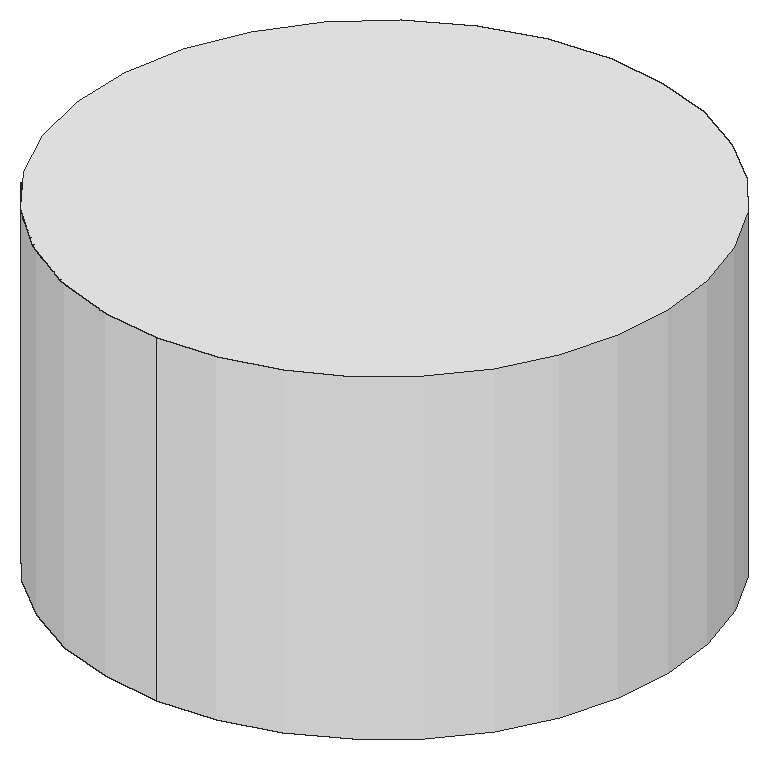
Revit family "Deca_Misturador monocomando de mesa para cozinha_Spin_2270.72", category Plumbing Fixtures, host Face, Revit 2019
Family settings
  Host = Face
  Round Connector Dimension = Use Radius
  Part Type = Normal
  Cut with Voids When Loaded = No
  Shared = No
  Room Calculation Point = No
Parameters (values of type "2270.GL72.RD_Red Gold")
  Vazão na Pressão mín. (L/min) = "4 l/min"
  Vazão na Pressão máx. (L/min) = "15 l/min"
  URL = "www.deca.com.br"
  Tipo de rosca de saída = "-"
  Tipo de rosca de entrada = "BSP NBR 8133"
  Tipo de mecanismo utilizado = "Cartucho Monocomando"
  Tipo de dispositivo economizador = "Não"
  Segmento = "Banheiro Luxo"
  Saída de Esgoto = "-"
  Raio Água Quente = 7.5 mm  # constant formula
  Raio Água Fria = 7.5 mm  # constant formula
  Pressão mín. funcionamento = "2 MCA"
  Pressão mín. Aquec. Passagem = "10 MCA"
  Pressão mín. Aquec. Acúmulo = "2 MCA"
  Pressão máx. funcionamento = "40 MCA"
  Peso Líquido (Kg) = 1.786
  Norma = "Não Possui"
  Model = "2270.GL72.RD"
  Material = Deca_Red Gold
  Manufacturer = "Deca"
  Linha = "Spin"
  Itens de Instalação = "-"
  Informações Complementares = "-"
  HWFU = 0
  Diâmetro Água Quente = 2 * Raio Água Quente  # 15 mm
  Diâmetro Água Fria = 2 * Raio Água Fria  # 15 mm
  Description = "Misturador monocomando de mesa para cozinha"
  Default Elevation = 0 mm
  Código Pai = "2270.72"
  Criado por = "quattroD"
  Cores Componente = "-"
  Cor Secundária = "-"
  Cor Principal = "Red Gold"
  Cor Interna = "-"
  Consumo = "-"
  Composição Componente = "-"
  Composição Básica = "Liga de Cobre (bronze e latão),Plásticos de Engenharia,Elastômeros"
  Composição Assento = "-"
  Composição Anel Vedação = "-"
  Categoria = "METAIS PARA COZINHA"
  CWFU = 0
  Atendimento ao Cliente = "0800-0117073"
  Assembly Code = ""
  Aprovado por = "quattroD"
  Acompanha o Produto = "Acompanha Ligação Flexivel"
Types (4, lengths in mm): name | Model | Material | Cor Principal
  2270.C72_Cromado | "2270.C72" | Deca_Cromado | "Cromado"
  2270.GL72.RD_Red Gold | "2270.GL72.RD" | Deca_Red Gold | "Red Gold"
  2270.BL72.MT_Black Matte | "2270.BL72.MT" | Deca_Black Matte | "Black Matte"
  2270.CT72.MT_Corten | "2270.CT72.MT" | Deca_Corten | "Corten"
Reference planes
  plane 1 "Center (Front/Back)": y = -109.853
  plane 2: z = 0
  plane 3 "Center (Left/Right)": x = 0
  plane 4 "Left 1": x = -28.494
  plane 5 "Back 1": y = -81.359
  plane 6 "Front  1": y = -138.491
  plane 7 "Right 1": x = 28.503
  plane 8 "Right 2": x = 71.979
  plane 9 "Front  2": y = -311.505
  plane 10 "Top 3": z = 339.267
  plane 11 "Top 2": z = 103.578
  plane 12 "Top 1": z = 12.997
  plane 13: x = -10.322
  plane 14: x = 10.322
Forms (mm)
  Extrusion 1, solid, material "Deca_Red Gold" <- "Material"
    sketch origin (-0.488, -291.754, 264.699) x (0, -1, 0) y (1, 0, 0)
      loop
        circle (9.734, 0.02) r 3.93
    from 0 to 4.486
Lines and regions (mm)
  Masking region 1
    outline origin (0, -109.853, 0) x (1, 0, 0) y (0, 0, 1)
      loop
        line (-28.641, 0) -> (28.641, 0) -> (28.641, 13.298) -> (21.481, 13.298) -> (21.481, 34.211)
        arc (21.481, 34.211) -> (21.774, 34.918) -> (22.481, 35.211) r 1
        line (22.481, 35.211) -> (45.794, 35.211) -> (45.794, 37.314)
        arc (45.794, 37.314) -> (49.343, 37.642) -> (52.773, 38.614) r 19.378
        line (52.773, 38.614) -> (52.773, 34.996) -> (72.064, 34.996) -> (73.036, 35.967) -> (73.036, 77.201) -> (72.064, 78.173) -> (67.554, 78.173) -> (67.554, 144.753) -> (57.836, 144.753) -> (57.836, 78.173) -> (52.773, 78.173) -> (52.773, 74.77)
        arc (52.773, 74.77) -> (49.343, 75.743) -> (45.794, 76.07) r 19.378
        line (45.794, 76.07) -> (45.794, 78.173) -> (22.481, 78.173)
        arc (22.481, 78.173) -> (21.774, 78.466) -> (21.481, 79.173) r 1
        line (21.481, 79.173) -> (21.481, 83.559) -> (20.681, 83.559) -> (20.681, 100.052)
        arc (20.681, 100.052) -> (20.509, 100.469) -> (20.092, 100.641) r 0.589
        line (20.092, 100.641) -> (10.561, 100.641) -> (10.561, 329.438)
        arc (10.561, 329.438) -> (0, 340) -> (-10.561, 329.438) r 10.561
        line (-10.561, 329.438) -> (-10.561, 100.641) -> (-20.092, 100.641)
        arc (-20.092, 100.641) -> (-20.509, 100.469) -> (-20.681, 100.052) r 0.589
        line (-20.681, 100.052) -> (-20.681, 83.559) -> (-21.481, 83.559) -> (-21.481, 13.298) -> (-28.641, 13.298) -> (-28.641, 0)
  Masking region 2
    outline origin (-314.678, -32.67, 0) x (1, 0, 0) y (0, 1, 0)
      loop
        arc (334.557, -56.772) -> (290.709, -61.776) -> (304.356, -103.746) r 28.495
        line (304.356, -103.746) -> (304.356, -243.096) -> (304.356, -268.396)
        arc (304.356, -268.396) -> (314.678, -278.718) -> (324.999, -268.396) r 10.322
        line (324.999, -268.396) -> (324.999, -243.096) -> (324.999, -103.746)
        arc (324.999, -103.746) -> (330.088, -101.155) -> (334.557, -97.601) r 28.495
        line (334.557, -97.601) -> (359.477, -97.601) -> (359.477, -96.15)
        arc (359.477, -96.15) -> (360.678, -96.128) -> (361.876, -96.037) r 20.768
        line (361.876, -96.037) -> (361.876, -99.139) -> (386.071, -99.139)
        arc (386.071, -99.139) -> (386.509, -88.087) -> (386.657, -77.029) r 423.263
        arc (386.657, -77.029) -> (386.513, -66.127) -> (386.071, -55.234) r 399.81
        line (386.071, -55.234) -> (361.872, -55.234) -> (361.872, -58.335)
        arc (361.872, -58.335) -> (360.676, -58.244) -> (359.477, -58.223) r 20.768
        line (359.477, -58.223) -> (359.477, -56.772) -> (334.557, -56.772)
  Masking region 3
    outline origin (0, -693.355, -613.902) x (0, 1, 0) y (0, 0, 1)
      loop
        line (593.68, 717.48) -> (593.68, 917.547)
        arc (593.68, 917.547) -> (583.246, 942.736) -> (558.058, 953.169) r 35.622
        line (558.058, 953.169) -> (417.448, 953.169)
        arc (417.448, 953.169) -> (392.26, 942.736) -> (381.826, 917.547) r 35.622
        line (381.826, 917.547) -> (381.826, 883.087) -> (386.72, 883.087)
        arc (386.72, 883.087) -> (387.755, 882.692) -> (388.244, 881.698) r 1.515
        line (388.244, 881.698) -> (388.247, 880.484)
        arc (388.247, 880.484) -> (387.155, 879.639) -> (386.244, 878.601) r 7.233
        line (386.244, 878.601) -> (381.849, 878.601) -> (381.849, 851.507) -> (402.447, 851.507) -> (402.447, 878.601) -> (398.052, 878.601)
        arc (398.052, 878.601) -> (397.141, 879.639) -> (396.049, 880.484) r 7.233
        line (396.049, 880.484) -> (396.052, 881.698)
        arc (396.052, 881.698) -> (396.541, 882.692) -> (397.576, 883.087) r 1.515
        line (397.576, 883.087) -> (402.47, 883.087) -> (402.47, 917.547)
        arc (402.47, 917.547) -> (406.857, 928.139) -> (417.448, 932.526) r 14.978
        line (417.448, 932.526) -> (558.058, 932.526)
        arc (558.058, 932.526) -> (568.649, 928.139) -> (573.036, 917.547) r 14.978
        line (573.036, 917.547) -> (573.036, 717.48) -> (562.863, 717.48) -> (562.863, 703.982) -> (564.361, 703.982) -> (564.361, 702.282) -> (562.863, 702.282) -> (562.863, 676.75)
        arc (562.863, 676.75) -> (561.399, 668.859) -> (562.863, 660.968) r 21.999
        line (562.863, 660.968) -> (562.863, 628.765) -> (563.36, 626.899) -> (554.863, 626.899) -> (554.863, 613.902) -> (611.853, 613.902) -> (611.853, 626.899) -> (603.356, 626.899) -> (603.853, 628.765) -> (603.853, 660.968)
        arc (603.853, 660.968) -> (605.317, 668.859) -> (603.853, 676.75) r 21.999
        line (603.853, 676.75) -> (603.853, 702.282) -> (602.354, 702.282) -> (602.354, 703.982) -> (603.853, 703.982) -> (603.853, 717.48) -> (593.68, 717.48)
  symbolic lines
    curve 1: line (-21.481, -109.853, 13.298) -> (21.481, -109.853, 13.298)
    curve 2: line (-20.681, -109.853, 83.559) -> (20.681, -109.853, 83.559)
    curve 3: line (0, -109.853, 56.692) -> (21.481, -109.853, 33.45)
    curve 4: line (45.794, -109.853, 37.314) -> (45.794, -109.853, 76.07)
    curve 5: line (52.773, -109.853, 74.77) -> (52.773, -109.853, 38.614)
    curve 6: arc (57.836, -109.853, 78.173) -> (62.695, -109.853, 77.597) -> (67.554, -109.853, 78.173) r 20.768
    curve 7: line (-10.561, -109.853, 220.022) -> (10.561, -109.853, 220.022)
    curve 8: line (-10.561, -109.853, 239.968) -> (10.561, -109.853, 239.968)
    curve 9: line (8.714, -109.853, 239.968) -> (4.693, -109.853, 243.748)
    curve 10: line (4.693, -109.853, 243.748) -> (4.693, -109.853, 245.427)
    curve 11: arc (4.693, -109.853, 245.427) -> (5.548, -109.853, 246.151) -> (6.271, -109.853, 247.006) r 6.714
    curve 12: line (-9.621, -109.853, 247.006) -> (9.621, -109.853, 247.006)
    curve 13: arc (-9.621, -109.853, 247.006) -> (-10.286, -109.853, 247.281) -> (-10.561, -109.853, 247.947) r 0.941
    curve 14: arc (9.621, -109.853, 247.006) -> (10.286, -109.853, 247.281) -> (10.561, -109.853, 247.947) r 0.941
    curve 15: line (-8.714, -109.853, 239.968) -> (-4.693, -109.853, 243.748)
    curve 16: line (-4.693, -109.853, 243.748) -> (-4.693, -109.853, 245.427)
    curve 17: arc (-4.693, -109.853, 245.427) -> (-5.548, -109.853, 246.151) -> (-6.271, -109.853, 247.006) r 6.714
    curve 18: line (-4.693, -109.853, 243.748) -> (4.693, -109.853, 243.748)
    curve 19: line (4.693, -109.853, 245.427) -> (-4.693, -109.853, 245.427)
    curve 20: line (-10.561, -109.853, 100.641) -> (10.561, -109.853, 100.641)
    curve 21: line (23.118, -109.853, 35.211) -> (0, -109.853, 56.692)
    curve 22: line (0, -109.853, 56.692) -> (21.481, -109.853, 79.934)
    curve 23: line (23.118, -109.853, 78.173) -> (0, -109.853, 56.692)
    curve 24: line (47.198, -131.809, 0) -> (71.394, -131.809, 0)
    curve 25: spline (71.394, -131.809, 0) -> (71.396, -131.061, 0) -> (71.398, -128.868, 0) -> (71.4, -125.379, 0) -> (71.401, -120.833, 0) -> (71.402, -115.538, 0) -> (71.402, -109.857, 0) -> (71.402, -104.175, 0) -> (71.401, -98.88, 0) -> (71.4, -94.334, 0) -> (71.398, -90.845, 0) -> (71.396, -88.652, 0) -> (71.394, -87.904, 0)
    curve 26: line (71.394, -87.904, 0) -> (47.198, -87.904, 0)
    curve 27: spline (47.194, -128.708, 0) -> (47.197, -131.435, 0) -> (47.2, -131.522, 0) -> (47.203, -128.959, 0) -> (47.205, -124.058, 0) -> (47.207, -117.42, 0) -> (47.207, -109.857, 0) -> (47.207, -102.293, 0) -> (47.205, -95.655, 0) -> (47.203, -90.755, 0) -> (47.2, -88.191, 0) -> (47.197, -88.278, 0) -> (47.194, -91.005, 0)
    curve 28: arc (45.049, -128.822, 0) -> (46.123, -128.793, 0) -> (47.194, -128.708, 0) r 20.768
    curve 29: arc (47.194, -91.005, 0) -> (46.123, -90.921, 0) -> (45.049, -90.892, 0) r 20.768
    curve 30: line (10.322, -130.271, 0) -> (44.799, -130.271, 0)
    curve 31: spline (44.799, -130.271, 0) -> (44.801, -129.576, 0) -> (44.803, -127.536, 0) -> (44.805, -124.292, 0) -> (44.806, -120.064, 0) -> (44.807, -115.14, 0) -> (44.807, -109.857, 0) -> (44.807, -104.573, 0) -> (44.806, -99.649, 0) -> (44.805, -95.421, 0) -> (44.803, -92.177, 0) -> (44.801, -90.138, 0) -> (44.799, -89.442, 0)
    curve 32: line (44.799, -89.442, 0) -> (1.818, -89.442, 0)
    curve 33: circle (61.396, -109.857, 0) r 5.089 normal (0, 0, 1)
    curve 34: arc (10.322, -109.857, 0) -> (0, -99.535, 0) -> (-10.322, -109.857, 0) r 10.322
    curve 35: line (-10.322, -109.857, 0) -> (-10.322, -135.157, 0)
    curve 36: line (-10.322, -135.157, 0) -> (-10.322, -275.767, 0)
    curve 37: line (-10.322, -275.767, 0) -> (-10.322, -301.067, 0)
    curve 38: arc (-10.322, -301.067, 0) -> (0, -311.388, 0) -> (10.322, -301.067, 0) r 10.322
    curve 39: line (10.322, -301.067, 0) -> (10.322, -275.767, 0)
    curve 40: line (10.322, -275.767, 0) -> (10.322, -135.157, 0)
    curve 41: line (10.322, -135.157, 0) -> (10.322, -109.857, 0)
    curve 42: arc (10.322, -127.563, 0) -> (0, -89.361, 0) -> (-10.322, -127.563, 0) r 20.495
    curve 43: arc (19.879, -89.442, 0) -> (-23.968, -94.447, 0) -> (-10.322, -136.416, 0) r 28.495
    curve 44: arc (10.322, -136.416, 0) -> (15.41, -133.825, 0) -> (19.879, -130.271, 0) r 28.495
    curve 45: arc (10.322, -128.323, 0) -> (21.369, -105.345, 0) -> (1.464, -89.414, 0) r 20.477
    curve 46: arc (71.394, -131.809, 0) -> (71.831, -120.758, 0) -> (71.98, -109.699, 0) r 423.263
    curve 47: arc (71.98, -109.699, 0) -> (71.835, -98.798, 0) -> (71.394, -87.904, 0) r 399.81
    curve 48: line (0, -99.675, 103.578) -> (0, -99.675, 303.645)
    curve 49: arc (0, -99.675, 303.645) -> (0, -110.108, 328.833) -> (0, -135.297, 339.267) r 35.622
    curve 50: line (0, -135.297, 339.267) -> (0, -275.907, 339.267)
    curve 51: arc (0, -275.907, 339.267) -> (0, -301.095, 328.833) -> (0, -311.528, 303.645) r 35.622
    curve 52: line (0, -311.528, 303.645) -> (0, -311.528, 269.185)
    curve 53: line (0, -311.528, 269.185) -> (0, -290.885, 269.185)
    curve 54: line (0, -290.885, 269.185) -> (0, -290.885, 303.645)
    curve 55: arc (0, -290.885, 303.645) -> (0, -286.498, 314.236) -> (0, -275.907, 318.623) r 14.978
    curve 56: line (0, -275.907, 318.623) -> (0, -135.297, 318.623)
    curve 57: arc (0, -135.297, 318.623) -> (0, -124.705, 314.236) -> (0, -120.318, 303.645) r 14.978
    curve 58: line (0, -120.318, 303.645) -> (0, -120.318, 103.578)
    curve 59: line (0, -290.908, 237.604) -> (0, -290.908, 264.198)
    curve 60: line (0, -104.907, 143.171) -> (0, -104.907, 76.321)
    curve 61: spline (0, -104.907, 76.321) -> (0, -95.54, 71.49) -> (0, -89.502, 62.851) -> (0, -88.185, 52.394) -> (0, -91.89, 42.528) -> (0, -99.765, 35.524) -> (0, -109.997, 32.995) -> (0, -120.228, 35.524) -> (0, -128.103, 42.528) -> (0, -131.809, 52.394) -> (0, -130.491, 62.851) -> (0, -124.453, 71.49) -> (0, -115.086, 76.321)
    curve 62: line (0, -115.086, 76.321) -> (0, -115.086, 143.171)
    curve 63: line (0, -115.086, 143.171) -> (0, -104.907, 143.171)
    curve 64: line (0, -115.086, 88.38) -> (0, -130.492, 88.38)
    curve 65: line (0, -130.492, 88.38) -> (0, -130.492, 62.848)
    curve 66: line (0, -89.501, 62.848) -> (0, -89.501, 88.38)
    curve 67: line (0, -89.501, 88.38) -> (0, -104.907, 88.38)
    curve 68: line (0, -104.907, 90.08) -> (0, -89.501, 90.08)
    curve 69: line (0, -89.501, 90.08) -> (0, -89.501, 103.578)
    curve 70: line (0, -89.501, 103.578) -> (0, -104.907, 103.578)
    curve 71: line (0, -115.086, 103.578) -> (0, -130.492, 103.578)
    curve 72: line (0, -130.492, 103.578) -> (0, -130.492, 90.08)
    curve 73: line (0, -130.492, 90.08) -> (0, -115.086, 90.08)
    curve 74: line (0, -128.993, 88.38) -> (0, -128.993, 90.08)
    curve 75: line (0, -91, 88.38) -> (0, -91, 90.08)
    curve 76: line (0, -89.501, 47.066) -> (0, -89.501, 14.863)
    curve 77: line (0, -130.492, 14.863) -> (0, -130.492, 47.066)
    curve 78: line (0, -81.502, 0) -> (0, -81.502, 12.997)
    curve 79: line (0, -81.502, 12.997) -> (0, -138.491, 12.997)
    curve 80: line (0, -138.491, 12.997) -> (0, -138.491, 0)
    curve 81: line (0, -138.491, 0) -> (0, -81.502, 0)
    curve 82: line (0, -89.998, 12.997) -> (0, -89.501, 14.863)
    curve 83: line (0, -129.995, 12.997) -> (0, -130.492, 14.863)
    curve 84: line (0, -89.501, 14.863) -> (0, -130.492, 14.863)
    curve 85: arc (0, -115.086, 76.321) -> (0, -109.997, 76.88) -> (0, -104.907, 76.321) r 23.443
    curve 86: line (0, -311.505, 264.198) -> (0, -311.505, 237.604)
    curve 87: line (0, -311.505, 237.604) -> (0, -290.908, 237.604)
    curve 88: line (0, -290.908, 237.604) -> (0, -290.908, 264.198)
    curve 89: line (0, -291.408, 264.699) -> (0, -311.005, 264.699)
    curve 90: arc (0, -305.107, 266.582) -> (0, -306.199, 265.737) -> (0, -307.111, 264.699) r 7.233
    curve 91: arc (0, -305.111, 267.795) -> (0, -305.59, 268.78) -> (0, -306.606, 269.185) r 1.515
    curve 92: line (0, -305.111, 267.795) -> (0, -305.107, 266.582)
    curve 93: line (0, -297.306, 266.582) -> (0, -297.302, 267.795)
    curve 94: arc (0, -295.807, 269.185) -> (0, -296.824, 268.78) -> (0, -297.302, 267.795) r 1.515
    curve 95: arc (0, -295.302, 264.699) -> (0, -296.214, 265.737) -> (0, -297.306, 266.582) r 7.233
Dimensions and locks
  plane 4 "Left 1" to plane 7 "Right 1" to plane 8 "Right 2" = 56.997 mm, 43.477 mm
  plane 4 "Left 1" to plane 8 "Right 2" = 100.474 mm
  plane 10 "Top 3" to plane 11 "Top 2" to plane 12 "Top 1" to host face = 235.689 mm, 90.581 mm, 12.997 mm
  plane 10 "Top 3" to host face = 339.267 mm
  aligned and locked: host face to plane 2
  aligned and locked: level to host face
Connectors
  piping at (-10.322, -109.851, 0), diameter 15, driven by "Raio Água Quente"
    settings: on free form element, index 1, connector inside diameter 24", connector length 0 mm, flow factor 0, pipe flow 0 GPM, pressure drop 0.00 psi, fitting loss kfactor 0, connector angle 0.00°, fixture units 0, engagement length 0 mm, angle of deflection 0.00°, flow configuration 3, flow direction 1, fitting loss method 4, system type 19, joint type 0, gender type 0, connector reference index -1, connector utility 0, adjustable connector no, is connector primary yes, connector description ""
  piping at (10.322, -109.851, 0), diameter 15, driven by "Raio Água Fria"
    settings: on free form element, index 2, connector inside diameter 24", connector length 0 mm, flow factor 0, pipe flow 0 GPM, pressure drop 0.00 psi, fitting loss kfactor 0, connector angle 0.00°, fixture units 0, engagement length 0 mm, angle of deflection 0.00°, flow configuration 3, flow direction 1, fitting loss method 4, system type 20, joint type 0, gender type 0, connector reference index -1, connector utility 0, adjustable connector no, is connector primary no, connector description ""
